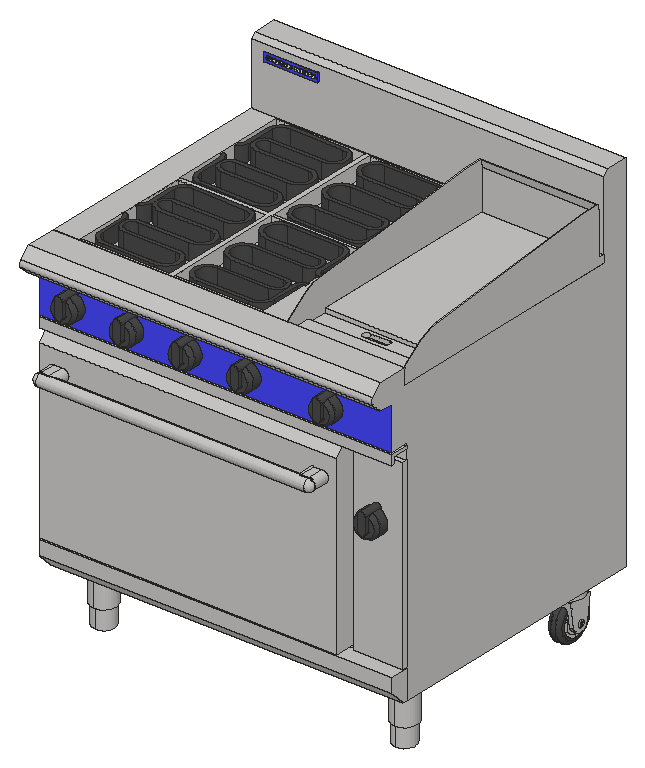
Revit family "QF_MOFFAT_BLUESEAL_CE_E506C", category Specialty Equipment, Revit 2012
Parameters
  Width = 900 mm  # constant formula
  Weight in Pounds = 436
  Watts = 19500 W
  Volts = 400 V
  URL Cutsheet = "www.moffat.com"
  URL = "www.moffat.com"
  Type Mark [instance] = ""
  Status [instance] = ""
  Specification by User [instance] = ""
  Specification by Manufacturer = ""
  Show Logo [instance] = yes
  Show Clearance [instance] = yes
  Show Casters [instance] = yes
  Serial Number = ""
  Seismic Rating = ""
  SMACNA No = ""
  Revision Code [instance] = ""
  Phase = 3
  Omniclass Number and Title = ""
  Number of Poles [instance] = 1
  NAFEM Spec ID Number = ""
  Model = "E506C"
  Min Ckt Ampacity = 0 A
  Max Overcurrent Protection = 0 A
  Masterspec = ""
  Manufacturer = "MOFFAT BLUESEAL"
  Legs [instance] = not(Show Casters)  # no
  Item Number [instance] = ""
  Installed By [instance] = ""
  Identify Quantity as Lot [instance] = yes
  Height = 970 mm  # constant formula
  HP = ""
  Furnished By [instance] = ""
  Foodservice Equipment Identifier [instance] = yes
  FL Amps = 20.9 A
  Electrical Remarks = "29.3A PER PHASE"
  Electric Connection Type = ""
  Elec Conn RI Height = 0 mm
  Elec Conn Connection Height = 0 mm
  Description = "900MM ELECTRIC RANGE WITH STATIC OVEN"
  Depth = 812 mm  # constant formula
  Cycle = 50 Hz
  Conn Plug = ""
  Conn Conduit = yes
  CSI MasterFormat = ""
  CSI Master Format = ""
  Body Finish = QF_Finishes_Stainless Steel
  Apparent Power = 0 VA
Reference planes
  plane 1 "BACK": y = 0
  plane 2: z = 0
  plane 3 "LEFT": x = 0
  plane 4 "RIGHT": x = 900
  plane 5 "FRONT": y = -812
  plane 6 "TOP": z = 970
  plane 7 "Center Y": x = 450
  plane 8 "Center X": y = -406
  plane 9: x = 280
  plane 10: y = -574.272
  plane 11: y = -304.972
  plane 12: y = -364.972
  plane 13: y = -812
  plane 14: x = 834.5
  plane 15: y = -32
  plane 16: z = 655
  plane 17: y = -100
  plane 18: z = 1085
  plane 19: y = -705
Forms (mm)
  Extrusion 1, solid, material "QF_Finishes_Stainless Steel" <- "Body Finish"
    sketch origin (0, 0, 0) x (0, 1, 0) y (0, 0, 1)
      loop
        line (0, 150) -> (0, 1085) -> (-57.5, 1085) -> (-70, 1072.5) -> (-70, 875) -> (-705, 875) -> (-705, 915) -> (-783.97, 915) -> (-808.476, 890.494)
        arc (-808.476, 890.494) -> (-811.994, 882) -> (-808.476, 873.506) r 12.013
        line (-808.476, 873.506) -> (-784.97, 850) -> (-749, 850) -> (-749, 740) -> (-699, 740) -> (-699, 150) -> (0, 150)
    from 0 to 900
  Extrusion 2, solid, material "QF_Finishes_Stainless Steel"
    sketch origin (0, 7, 0) x (0, 1, 0) y (0, 0, 1)
      loop
        line (-706, 700) -> (-732, 700) -> (-756, 676) -> (-756, 227.5) -> (-706, 227.5) -> (-706, 700)
    from 0 to 760
  Extrusion 3, solid, material "QF_Finishes_Stainless Steel"
    sketch origin (723.5, 7, 0) x (0, 1, 0) y (0, 0, 1)
      loop
        line (-706, 700) -> (-721, 700) -> (-721, 227.5) -> (-706, 227.5) -> (-706, 700)
    from 51.5 to 176.5
  Revolve 4, solid, material "QF_Finishes_Stainless Steel" <- "Body Finish"
    sketch origin (834.5, -696.126, 0) x (0, 1, 0) y (0, 0, -1)
      loop
        line (39.376, -150) -> (71.126, -150) -> (71.126, 0) -> (43.626, 0) -> (43.626, -50) -> (39.376, -50) -> (39.376, -150)
      axis (71.126, -150) -> (71.126, 0)
    angle from 0 to 360
  Revolve 5, solid, material "QF_Finishes_Stainless Steel" <- "Body Finish"
    sketch origin (65.5, -696.126, 0) x (0, 1, 0) y (0, 0, 1)
      loop
        line (39.376, 150) -> (39.376, 50) -> (43.626, 50) -> (43.626, 0) -> (71.126, 0) -> (71.126, 150) -> (39.376, 150)
      axis (71.126, 150) -> (71.126, 0)
    angle from 0 to 360
  Extrusion 6, solid, material "QF_Finishes_Stainless Steel"
    sketch origin (-64.5, 0, 325) x (1, 0, 0) y (0, 1, 0)
      loop
        circle (834.5, -32) r 10
    from 330 to 371
  Revolve 7, solid, material "QF_Finishes_Black"
    sketch origin (750, 45.874, -0.118) x (0, 1, 0) y (0, 0, 1)
      loop
        line (-827.874, 829.5) -> (-838.874, 823.651) -> (-838.874, 797) -> (-794.874, 797) -> (-794.874, 802) -> (-804.874, 802) -> (-804.874, 829.5) -> (-827.874, 829.5)
      axis (-838.874, 797) -> (-794.874, 797)
    angle from 0 to 360
  Revolve 8, solid, material "QF_Finishes_Black"
    sketch origin (90.649, 45.874, -0.118) x (0, 1, 0) y (0, 0, -1)
      loop
        line (-827.874, -829.5) -> (-804.874, -829.5) -> (-804.874, -802) -> (-794.874, -802) -> (-794.874, -797) -> (-838.874, -797) -> (-838.874, -823.651) -> (-827.874, -829.5)
      axis (-838.874, -797) -> (-794.874, -797)
    angle from 0 to 360
  Revolve 9, solid, material "QF_Finishes_Black"
    sketch origin (240.649, 45.874, -0.118) x (0, 1, 0) y (0, 0, -1)
      loop
        line (-827.874, -829.5) -> (-804.874, -829.5) -> (-804.874, -802) -> (-794.874, -802) -> (-794.874, -797) -> (-838.874, -797) -> (-838.874, -823.651) -> (-827.874, -829.5)
      axis (-838.874, -797) -> (-794.874, -797)
    angle from 0 to 360
  Revolve 10, solid, material "QF_Finishes_Black"
    sketch origin (390.625, 45.874, -0.118) x (0, 1, 0) y (0, 0, -1)
      loop
        line (-827.874, -829.5) -> (-804.874, -829.5) -> (-804.874, -802) -> (-794.874, -802) -> (-794.874, -797) -> (-838.874, -797) -> (-838.874, -823.651) -> (-827.874, -829.5)
      axis (-838.874, -797) -> (-794.874, -797)
    angle from 0 to 360
  Extrusion 11, solid, material "QF_Finishes_Black"
    sketch origin (238.456, 7, -0.118) x (-1, 0, 0) y (0, 0, -1)
      loop
        arc (158.3, -789) -> (148.3, -779) -> (138.3, -789) r 10
        line (138.3, -789) -> (138.3, -824)
        arc (138.3, -824) -> (148.3, -834) -> (158.3, -824) r 10
        line (158.3, -824) -> (158.3, -789)
    from 759 to 808
  Extrusion 12, solid, material "QF_Finishes_Black"
    sketch origin (388.456, 7, -0.118) x (-1, 0, 0) y (0, 0, -1)
      loop
        arc (158.3, -789) -> (148.3, -779) -> (138.3, -789) r 10
        line (138.3, -789) -> (138.3, -824)
        arc (138.3, -824) -> (148.3, -834) -> (158.3, -824) r 10
        line (158.3, -824) -> (158.3, -789)
    from 759 to 808
  Extrusion 13, solid, material "QF_Finishes_Black"
    sketch origin (602.193, 7, -0.118) x (1, 0, 0) y (0, 0, 1)
      loop
        line (158.3, 789) -> (158.3, 824)
        arc (158.3, 824) -> (148.3, 834) -> (138.3, 824) r 10
        line (138.3, 824) -> (138.3, 789)
        arc (138.3, 789) -> (148.3, 779) -> (158.3, 789) r 10
    from 759 to 808
  Extrusion 14, solid, material "QF_Finishes_Black"
    sketch origin (538.432, 7, -0.118) x (-1, 0, 0) y (0, 0, -1)
      loop
        arc (158.3, -789) -> (148.3, -779) -> (138.3, -789) r 10
        line (138.3, -789) -> (138.3, -824)
        arc (138.3, -824) -> (148.3, -834) -> (158.3, -824) r 10
        line (158.3, -824) -> (158.3, -789)
    from 759 to 808
  Extrusion 15, solid, material "QF_Finishes_Black"
    sketch origin (688.432, 7, -0.118) x (-1, 0, 0) y (0, 0, -1)
      loop
        arc (158.3, -789) -> (148.3, -779) -> (138.3, -789) r 10
        line (138.3, -789) -> (138.3, -824)
        arc (138.3, -824) -> (148.3, -834) -> (158.3, -824) r 10
        line (158.3, -824) -> (158.3, -789)
    from 759 to 808
  Revolve 16, solid, material "QF_Finishes_Black"
    sketch origin (836.851, 80.874, -245.743) x (0, 1, 0) y (0, 0, 1)
      loop
        line (-827.874, 829.5) -> (-838.874, 823.651) -> (-838.874, 797) -> (-794.874, 797) -> (-794.874, 802) -> (-804.874, 802) -> (-804.874, 829.5) -> (-827.874, 829.5)
      axis (-838.874, 797) -> (-794.874, 797)
    angle from 0 to 360
  Extrusion 17, solid, material "QF_Finishes_Black"
    sketch origin (689.044, 42, -245.743) x (1, 0, 0) y (0, 0, 1)
      loop
        line (158.3, 789) -> (158.3, 824)
        arc (158.3, 824) -> (148.3, 834) -> (138.3, 824) r 10
        line (138.3, 824) -> (138.3, 789)
        arc (138.3, 789) -> (148.3, 779) -> (158.3, 789) r 10
    from 759 to 808
  Extrusion 18, solid, material "QF_Door-Drawer Clearances", visible <- "Show Clearance", detail levels coarse
    sketch origin (0, 7, 0) x (0, -1, 0) y (0, 0, 1)
      loop
        line (756, 697.347) -> (756, 227.5) -> (1225.847, 227.5)
        arc (1225.847, 227.5) -> (1088.232, 559.732) -> (756, 697.347) r 469.847
    from 0 to -760
  Extrusion 19, void
    sketch origin (0, 0, 220) x (1, 0, 0) y (0, 1, 0)
      loop
        line (824, -87) -> (824, 0) -> (694, 0) -> (694, -39) -> (744, -87) -> (824, -87)
    from 0 to 476
  Revolve 20, solid, material "QF_Finishes_Black"
    sketch origin (540.625, 45.874, -0.118) x (0, 1, 0) y (0, 0, -1)
      loop
        line (-827.874, -829.5) -> (-804.874, -829.5) -> (-804.874, -802) -> (-794.874, -802) -> (-794.874, -797) -> (-838.874, -797) -> (-838.874, -823.651) -> (-827.874, -829.5)
      axis (-838.874, -797) -> (-794.874, -797)
    angle from 0 to 360
  Extrusion 21, solid, material "QF_Finishes_Stainless Steel"
    sketch origin (0, -749, 227.5) x (0, 0, 1) y (-1, 0, 0)
      loop
        line (380.625, -38.246) -> (380.625, -58.528)
        arc (380.625, -58.528) -> (395.625, -73.528) -> (410.625, -58.528) r 15
        line (410.625, -58.528) -> (410.625, -38.246)
        arc (410.625, -38.246) -> (395.625, -23.246) -> (380.625, -38.246) r 15
      loop
        arc (380.625, -723.039) -> (395.625, -738.039) -> (410.625, -723.039) r 15
        line (410.625, -723.039) -> (410.625, -702.757)
        arc (410.625, -702.757) -> (395.625, -687.757) -> (380.625, -702.757) r 15
        line (380.625, -702.757) -> (380.625, -723.039)
    from 0 to 44
  Revolve 22, solid, material "QF_Finishes_Stainless Steel"
    sketch origin (0, -793, 0) x (1, 0, 0) y (0, 0, 1)
      loop
        arc (738.039, 623.125) -> (733.646, 633.732) -> (723.039, 638.125) r 15
        line (723.039, 638.125) -> (38.246, 638.125)
        arc (38.246, 638.125) -> (27.64, 633.732) -> (23.246, 623.125) r 15
        line (23.246, 623.125) -> (738.039, 623.125)
      axis (738.039, 623.125) -> (23.246, 623.125)
    angle from 0 to 360
  Extrusion 23, solid, material "QF_Finishes_Stainless Steel" <- "Body Finish"
    sketch origin (0, 7, 0) x (0, 1, 0) y (0, 0, 1)
      loop
        line (-756, 710) -> (-747.224, 710) -> (-749.613, 726.999) -> (-707.93, 726.999) -> (-707.93, 734.003) -> (-756, 734.003) -> (-756, 710)
    from 0 to 900
  Extrusion 24, solid, material "QF_Finishes_Stainless Steel" <- "Body Finish"
    sketch origin (0, 4.73, 0) x (0, 1, 0) y (0, 0, 1)
      loop
        line (-753.73, 222.5) -> (-753.73, 186) -> (-717.73, 150) -> (-703.73, 150) -> (-703.73, 222.5) -> (-753.73, 222.5)
    from 0 to 900
  Extrusion 25, solid, material "QF_Finishes_Stainless Steel", visible <- "Show Casters"
    sketch origin (71.501, 133.353, -8.783) x (0, 1, 0) y (0, 0, 1)
      loop
        line (-201.603, 118.783) -> (-265.103, 118.783) -> (-252.746, 53.895)
        arc (-252.746, 53.895) -> (-233.353, 38.783) -> (-213.959, 53.895) r 20
        line (-213.959, 53.895) -> (-201.603, 118.783)
    from -35.667 to 22.923
  Revolve 26, solid, material "QF_Finishes_Stainless Steel", visible <- "Show Casters"
    sketch origin (65, -203, 0) x (0, 1, 0) y (0, 0, 1)
      loop
        line (67.25, 150) -> (67.25, 110) -> (103, 110) -> (103, 150) -> (67.25, 150)
      axis (103, 150) -> (103, 110)
    angle from 0 to 360
  Revolve 27, solid, material "QF_Finishes_Stainless Steel", visible <- "Show Casters"
    sketch origin (834.5, -203, 0) x (0, 1, 0) y (0, 0, -1)
      loop
        line (67.25, -150) -> (103, -150) -> (103, -110) -> (67.25, -110) -> (67.25, -150)
      axis (103, -150) -> (103, -110)
    angle from 0 to 360
  Revolve 28, solid, material "QF_Finishes_Stainless Steel", visible <- "Show Casters"
    sketch origin (785.276, -99.755, -13.653) x (1, 0, 0) y (0, 0, 1)
      loop
        line (14.841, 64.453) -> (83.584, 64.453) -> (83.584, 67.958) -> (82.314, 69.228) -> (80.79, 69.228) -> (80.79, 72.674) -> (68.644, 72.674) -> (68.644, 82.639) -> (65.088, 84.692) -> (63.738, 93.028) -> (65.881, 93.028) -> (65.881, 99.378) -> (65.088, 99.378) -> (65.088, 105.728)
        arc (65.088, 105.728) -> (62.298, 112.463) -> (55.563, 115.253) r 9.525
        line (55.563, 115.253) -> (42.863, 115.253)
        arc (42.863, 115.253) -> (36.127, 112.463) -> (33.338, 105.728) r 9.525
        line (33.338, 105.728) -> (33.338, 99.378) -> (32.544, 99.378) -> (32.544, 93.028) -> (34.687, 93.028) -> (33.352, 84.781) -> (29.782, 82.719) -> (29.782, 72.674) -> (17.635, 72.674) -> (17.635, 69.228) -> (16.111, 69.228) -> (14.841, 67.958) -> (14.841, 64.453)
      axis (14.841, 64.453) -> (83.584, 64.453)
    angle from 0 to 360
  Extrusion 29, solid, material "QF_Finishes_Stainless Steel", visible <- "Show Casters"
    sketch origin (841.001, 133.353, -8.783) x (0, 1, 0) y (0, 0, 1)
      loop
        line (-201.603, 118.783) -> (-265.103, 118.783) -> (-252.746, 53.895)
        arc (-252.746, 53.895) -> (-233.353, 38.783) -> (-213.959, 53.895) r 20
        line (-213.959, 53.895) -> (-201.603, 118.783)
    from -35.667 to 22.923
  Revolve 30, solid, material "QF_Finishes_Stainless Steel", visible <- "Legs"
    sketch origin (65, -165, 0) x (0, 1, 0) y (0, 0, 1)
      loop
        line (33.25, 150) -> (33.25, 50) -> (37.5, 50) -> (37.5, 0) -> (65, 0) -> (65, 150) -> (33.25, 150)
      axis (65, 150) -> (65, 0)
    angle from 0 to 360
  Revolve 31, solid, material "QF_Finishes_Stainless Steel", visible <- "Legs"
    sketch origin (834.5, -165, 0) x (0, 1, 0) y (0, 0, -1)
      loop
        line (33.25, -150) -> (65, -150) -> (65, 0) -> (37.5, 0) -> (37.5, -50) -> (33.25, -50) -> (33.25, -150)
      axis (65, -150) -> (65, 0)
    angle from 0 to 360
  Revolve 32, solid, material "QF_Finishes_Stainless Steel", visible <- "Show Casters"
    sketch origin (114.224, -99.755, -13.653) x (-1, 0, 0) y (0, 0, -1)
      loop
        line (14.841, -64.453) -> (14.841, -67.958) -> (16.111, -69.228) -> (17.635, -69.228) -> (17.635, -72.674) -> (29.782, -72.674) -> (29.782, -82.719) -> (33.352, -84.781) -> (34.687, -93.028) -> (32.544, -93.028) -> (32.544, -99.378) -> (33.338, -99.378) -> (33.338, -105.728)
        arc (33.338, -105.728) -> (36.127, -112.463) -> (42.863, -115.253) r 9.525
        line (42.863, -115.253) -> (55.563, -115.253)
        arc (55.563, -115.253) -> (62.298, -112.463) -> (65.088, -105.728) r 9.525
        line (65.088, -105.728) -> (65.088, -99.378) -> (65.881, -99.378) -> (65.881, -93.028) -> (63.738, -93.028) -> (65.088, -84.692) -> (68.644, -82.639) -> (68.644, -72.674) -> (80.79, -72.674) -> (80.79, -69.228) -> (82.314, -69.228) -> (83.584, -67.958) -> (83.584, -64.453) -> (14.841, -64.453)
      axis (14.841, -64.453) -> (83.584, -64.453)
    angle from 0 to 360
  Extrusion 33, solid, material "QF_Finishes_Stainless Steel"
    sketch origin (0, 0, 0) x (1, 0, 0) y (0, 1, 0)
      loop
        circle (826, -501) r 6.35
    from 150 to 147.817
Cuts and joins
  Extrusion 19 cuts Extrusion 1
Lines and regions (mm)
  Split face 1
    outline origin (900, 0, 1085) x (-1, 0, 0) y (0, -1, 0)
      loop
        arc (867.206, 18.385) -> (875.866, 23.385) -> (875.866, 33.385) r 10
        line (875.866, 33.385) -> (871.824, 40.385)
        arc (871.824, 40.385) -> (868.164, 44.045) -> (863.164, 45.385) r 10
        line (863.164, 45.385) -> (635.206, 45.385)
        arc (635.206, 45.385) -> (626.545, 40.385) -> (626.545, 30.385) r 10
        line (626.545, 30.385) -> (630.587, 23.385)
        arc (630.587, 23.385) -> (634.247, 19.725) -> (639.247, 18.385) r 10
        line (639.247, 18.385) -> (867.206, 18.385)
  Split face 2
    outline origin (900, 0, 1085) x (-1, 0, 0) y (0, -1, 0)
      loop
        arc (567.206, 18.385) -> (575.866, 23.385) -> (575.866, 33.385) r 10
        line (575.866, 33.385) -> (571.824, 40.385)
        arc (571.824, 40.385) -> (568.164, 44.045) -> (563.164, 45.385) r 10
        line (563.164, 45.385) -> (335.206, 45.385)
        arc (335.206, 45.385) -> (326.545, 40.385) -> (326.545, 30.385) r 10
        line (326.545, 30.385) -> (330.587, 23.385)
        arc (330.587, 23.385) -> (334.247, 19.725) -> (339.247, 18.385) r 10
        line (339.247, 18.385) -> (567.206, 18.385)
  Split face 3
    outline origin (900, 0, 1085) x (-1, 0, 0) y (0, -1, 0)
      loop
        arc (35.206, 45.385) -> (26.545, 40.385) -> (26.545, 30.385) r 10
        line (26.545, 30.385) -> (30.587, 23.385)
        arc (30.587, 23.385) -> (34.247, 19.725) -> (39.247, 18.385) r 10
        line (39.247, 18.385) -> (267.206, 18.385)
        arc (267.206, 18.385) -> (275.866, 23.385) -> (275.866, 33.385) r 10
        line (275.866, 33.385) -> (271.824, 40.385)
        arc (271.824, 40.385) -> (268.164, 44.045) -> (263.164, 45.385) r 10
        line (263.164, 45.385) -> (35.206, 45.385)
  symbolic lines
    curve 1: line (0, 0, 0) -> (0, -812, 0)
    curve 2: line (900, 0, 0) -> (0, 0, 0)
    curve 3: line (900, -812, 0) -> (900, 0, 0)
    curve 4: line (0, -70, 0) -> (900, -70, 0)
    curve 5: line (900, -812, 0) -> (0, -812, 0)
    curve 6: line (900, -705, 0) -> (0, -705, 0)
    curve 7: arc (22.65, -812, 0) -> (34.104, -822.278, 0) -> (48.889, -826.544, 0) r 34.455
    curve 8: line (48.889, -826.544, 0) -> (721.858, -826.544, 0)
    curve 9: arc (721.858, -826.544, 0) -> (736.403, -822.647, 0) -> (747.05, -812, 0) r 29.089
    curve 13: line (32.794, -18.385, 0) -> (260.753, -18.385, 0)
    curve 14: arc (260.753, -18.385, 0) -> (265.753, -19.725, 0) -> (269.413, -23.385, 0) r 10
    curve 15: line (269.413, -23.385, 0) -> (273.455, -30.385, 0)
    curve 16: arc (273.455, -30.385, 0) -> (273.455, -40.385, 0) -> (264.794, -45.385, 0) r 10
    curve 17: line (264.794, -45.385, 0) -> (36.836, -45.385, 0)
    curve 18: arc (36.836, -45.385, 0) -> (31.836, -44.045, 0) -> (28.176, -40.385, 0) r 10
    curve 19: line (28.176, -40.385, 0) -> (24.134, -33.385, 0)
    curve 20: arc (24.134, -33.385, 0) -> (24.134, -23.385, 0) -> (32.794, -18.385, 0) r 10
    curve 21: line (560.753, -18.385, 0) -> (332.794, -18.385, 0)
    curve 22: arc (332.794, -18.385, 0) -> (324.134, -23.385, 0) -> (324.134, -33.385, 0) r 10
    curve 23: line (324.134, -33.385, 0) -> (328.176, -40.385, 0)
    curve 24: arc (328.176, -40.385, 0) -> (331.836, -44.045, 0) -> (336.836, -45.385, 0) r 10
    curve 25: line (336.836, -45.385, 0) -> (564.794, -45.385, 0)
    curve 26: arc (564.794, -45.385, 0) -> (573.455, -40.385, 0) -> (573.455, -30.385, 0) r 10
    curve 27: line (573.455, -30.385, 0) -> (569.413, -23.385, 0)
    curve 28: arc (569.413, -23.385, 0) -> (565.753, -19.725, 0) -> (560.753, -18.385, 0) r 10
    curve 29: line (632.794, -18.385, 0) -> (860.753, -18.385, 0)
    curve 30: arc (860.753, -18.385, 0) -> (865.753, -19.725, 0) -> (869.413, -23.385, 0) r 10
    curve 31: line (869.413, -23.385, 0) -> (873.455, -30.385, 0)
    curve 32: arc (873.455, -30.385, 0) -> (873.455, -40.385, 0) -> (864.794, -45.385, 0) r 10
    curve 33: line (864.794, -45.385, 0) -> (636.836, -45.385, 0)
    curve 34: arc (636.836, -45.385, 0) -> (631.836, -44.045, 0) -> (628.176, -40.385, 0) r 10
    curve 35: line (628.176, -40.385, 0) -> (624.134, -33.385, 0)
    curve 36: arc (624.134, -33.385, 0) -> (624.134, -23.385, 0) -> (632.794, -18.385, 0) r 10
    curve 37: line (0, -783.97, 0) -> (900, -783.97, 0)
    curve 38: line (0, -57.5, 0) -> (900, -57.5, 0)
  symbolic lines, style "QF_Door-Drawer Clearances"
    curve 10: line (0, -1218.847, 0) -> (0, -812, 0)
    curve 11: line (0, -1218.847, 0) -> (760, -1218.847, 0)
    curve 12: line (760, -1218.847, 0) -> (760, -812, 0)
  symbolic lines, style "SpecialityEquipmentHiddenLines", visible <- "Show Casters"
    curve 39: line (106.952, -62.61, 0) -> (56.152, -150.598, 0)
    curve 40: line (79.456, -46.735, 0) -> (106.952, -62.61, 0)
    curve 41: line (28.656, -134.723, 0) -> (79.456, -46.735, 0)
    curve 42: line (56.152, -150.598, 0) -> (28.656, -134.723, 0)
    curve 43: line (866.952, -62.61, 0) -> (816.152, -150.598, 0)
    curve 44: line (839.456, -46.735, 0) -> (866.952, -62.61, 0)
    curve 45: line (788.656, -134.723, 0) -> (839.456, -46.735, 0)
    curve 46: line (816.152, -150.598, 0) -> (788.656, -134.723, 0)
Dimensions and locks
  equal spacing: plane 3 "LEFT", plane 7 "Center Y", plane 4 "RIGHT"
  "Width": plane 3 "LEFT" to plane 4 "RIGHT"
  equal spacing: plane 5 "FRONT", plane 8 "Center X", plane 1 "BACK"
  plane 5 "FRONT" to plane 1 "BACK" = 812 mm  (x2)
  equal spacing: plane 4 "RIGHT", plane 7 "Center Y", plane 3 "LEFT"
  plane 4 "RIGHT" to plane 3 "LEFT" = 900 mm
  "Height": plane 6 "TOP" to level
  plane 10 to plane 1 "BACK" = 574.272 mm
  plane 11 to plane 1 "BACK" = 304.972 mm  (x2)
  plane 9 to plane 3 "LEFT" = 280 mm
  "Depth": plane 1 "BACK" to plane 13
  plane 13 to plane 5 "FRONT" = 0 mm
  plane 6 "TOP" to plane 2 = 970 mm
  plane 2 to Extrusion 1 sketch curve = 875 mm
  locked: plane 2 to Extrusion 1 sketch curve at 915
  Revolve 28 sketch curve to Revolve 28 sketch curve = 50.8 mm
  Revolve 32 sketch curve to Revolve 32 sketch curve = 50.8 mm
  plane 18 to level = 1085 mm
  Extrusion 33 sketch curve to plane 1 "BACK" = 501 mm
  Extrusion 33 sketch curve to plane 4 "RIGHT" = 74 mm
  aligned and locked: level to plane 2
  aligned and locked: curve 3 to plane 4 "RIGHT"
Automatic sketch dimensions
  Extrusion 1 sketch curve to plane 19 = 0 mm
  Extrusion 1 sketch curve to plane 18 = 0 mm
  Extrusion 1 sketch curve to plane 1 "BACK" = 0 mm
  plane 19 to Extrusion 1 sketch curve = 44 mm
  Extrusion 1 sketch curve to plane 5 "FRONT" = 28.03 mm
  Extrusion 1 sketch curve to plane 5 "FRONT" = 27.03 mm
  Extrusion 1 sketch curve to plane 5 "FRONT" = 12.018 mm
  Extrusion 1 sketch curve to plane 5 "FRONT" = 3.524 mm  (x2)
  Extrusion 1 sketch curve to plane 19 = 6 mm
  Extrusion 1 sketch curve to plane 18 = 12.5 mm
  plane 17 to Extrusion 1 sketch curve = 30 mm
  Extrusion 1 sketch curve to Extrusion 1 sketch curve = 12.5 mm
  Extrusion 1 sketch curve to Extrusion 1 sketch curve = 41.494 mm
  Extrusion 1 sketch curve to Extrusion 1 sketch curve = 25 mm
  plane 16 to Extrusion 1 sketch curve = 85 mm
  level to Extrusion 1 sketch curve = 150 mm
  Extrusion 1 sketch curve to Extrusion 1 sketch curve = 8.494 mm
  plane 19 to Extrusion 2 sketch curve = 20 mm
  Extrusion 2 sketch curve to plane 19 = 6 mm
  level to Extrusion 2 sketch curve = 227.5 mm
  plane 19 to Extrusion 3 sketch curve = 9 mm
  Extrusion 3 sketch curve to plane 19 = 6 mm
  level to Extrusion 3 sketch curve = 227.5 mm
  plane 16 to Extrusion 3 sketch curve = 45 mm
  Revolve 4 sketch curve to level = 0 mm
  Revolve 4 sketch curve to plane 19 = 48.25 mm
  Revolve 4 sketch curve to Revolve 4 sketch curve = 4.25 mm
  Revolve 4 sketch curve to Revolve 4 sketch curve = 27.5 mm  (x2)
  level to Revolve 4 sketch curve = 50 mm
  Revolve 4 sketch curve to Revolve 4 sketch curve = 0 mm
  Revolve 4 sketch curve to Revolve 4 sketch curve = 100 mm
  Revolve 4 sketch curve to Revolve 4 sketch curve = 55 mm
  Revolve 5 sketch curve to level = 0 mm
  Revolve 5 sketch curve to plane 19 = 48.25 mm
  Revolve 5 sketch curve to Revolve 5 sketch curve = 4.25 mm
  Revolve 5 sketch curve to Revolve 5 sketch curve = 27.5 mm  (x2)
  Revolve 5 sketch curve to level = 55 mm
  Revolve 5 sketch curve to Revolve 5 sketch curve = 50 mm
  Revolve 5 sketch curve to Revolve 5 sketch curve = 0 mm
  Revolve 5 sketch curve to Revolve 5 sketch curve = 100 mm
  Extrusion 6 sketch curve to plane 15 = 0 mm
  Extrusion 6 sketch curve to plane 14 = 64.5 mm
  Revolve 7 sketch curve to plane 5 "FRONT" = 19 mm
  Revolve 7 sketch curve to Revolve 7 sketch curve = 0 mm  (x2)
  Revolve 7 sketch curve to Revolve 7 sketch curve = 11 mm
  Revolve 7 sketch curve to Revolve 7 sketch curve = 12.7 mm
  Revolve 7 sketch curve to Revolve 7 sketch curve = 23 mm
  Revolve 7 sketch curve to Revolve 7 sketch curve = 10 mm
  plane 16 to Revolve 7 sketch curve = 141.882 mm
  Revolve 7 sketch curve to Revolve 7 sketch curve = 5 mm
  Revolve 7 sketch curve to Revolve 7 sketch curve = 26.651 mm
  Revolve 7 sketch curve to Revolve 7 sketch curve = 5.849 mm
  Revolve 8 sketch curve to plane 5 "FRONT" = 19 mm
  Revolve 8 sketch curve to Revolve 8 sketch curve = 0 mm  (x2)
  Revolve 8 sketch curve to Revolve 8 sketch curve = 11 mm
  Revolve 8 sketch curve to Revolve 8 sketch curve = 12.7 mm
  Revolve 8 sketch curve to Revolve 8 sketch curve = 23 mm
  Revolve 8 sketch curve to Revolve 8 sketch curve = 10 mm
  Revolve 8 sketch curve to plane 6 "TOP" = 140.618 mm
  Revolve 8 sketch curve to Revolve 8 sketch curve = 5.849 mm
  Revolve 8 sketch curve to Revolve 8 sketch curve = 27.5 mm
  Revolve 8 sketch curve to Revolve 8 sketch curve = 5 mm
  Revolve 9 sketch curve to plane 5 "FRONT" = 19 mm
  Revolve 9 sketch curve to Revolve 9 sketch curve = 0 mm  (x2)
  Revolve 9 sketch curve to Revolve 9 sketch curve = 11 mm
  Revolve 9 sketch curve to Revolve 9 sketch curve = 12.7 mm
  Revolve 9 sketch curve to Revolve 9 sketch curve = 23 mm
  Revolve 9 sketch curve to Revolve 9 sketch curve = 10 mm
  Revolve 9 sketch curve to plane 6 "TOP" = 140.618 mm
  Revolve 9 sketch curve to Revolve 9 sketch curve = 5.849 mm
  Revolve 9 sketch curve to Revolve 9 sketch curve = 27.5 mm
  Revolve 9 sketch curve to Revolve 9 sketch curve = 5 mm
  Revolve 10 sketch curve to plane 5 "FRONT" = 19 mm
  Revolve 10 sketch curve to Revolve 10 sketch curve = 0 mm  (x2)
  Revolve 10 sketch curve to Revolve 10 sketch curve = 11 mm
  Revolve 10 sketch curve to Revolve 10 sketch curve = 12.7 mm
  Revolve 10 sketch curve to Revolve 10 sketch curve = 23 mm
  Revolve 10 sketch curve to Revolve 10 sketch curve = 10 mm
  Revolve 10 sketch curve to plane 6 "TOP" = 140.618 mm
  Revolve 10 sketch curve to Revolve 10 sketch curve = 5.849 mm
  Revolve 10 sketch curve to Revolve 10 sketch curve = 27.5 mm
  Revolve 10 sketch curve to Revolve 10 sketch curve = 5 mm
  Extrusion 11 sketch curve to Extrusion 11 sketch curve = 10 mm
  Extrusion 11 sketch curve to plane 6 "TOP" = 146.118 mm
  Extrusion 11 sketch curve to Extrusion 11 sketch curve = 35 mm
  Extrusion 12 sketch curve to plane 9 = 29.844 mm
  Extrusion 12 sketch curve to Extrusion 12 sketch curve = 10 mm
  Extrusion 12 sketch curve to plane 6 "TOP" = 146.118 mm
  Extrusion 12 sketch curve to Extrusion 12 sketch curve = 35 mm
  Extrusion 13 sketch curve to plane 14 = 94.007 mm
  Extrusion 13 sketch curve to plane 14 = 84.007 mm
  plane 16 to Extrusion 13 sketch curve = 133.882 mm
  Extrusion 13 sketch curve to Extrusion 13 sketch curve = 35 mm
  Extrusion 14 sketch curve to plane 7 "Center Y" = 49.868 mm
  Extrusion 14 sketch curve to Extrusion 14 sketch curve = 10 mm
  Extrusion 14 sketch curve to plane 6 "TOP" = 146.118 mm
  Extrusion 14 sketch curve to Extrusion 14 sketch curve = 35 mm
  plane 7 "Center Y" to Extrusion 15 sketch curve = 100.132 mm
  Extrusion 15 sketch curve to Extrusion 15 sketch curve = 10 mm
  Extrusion 15 sketch curve to plane 6 "TOP" = 146.118 mm
  Extrusion 15 sketch curve to Extrusion 15 sketch curve = 35 mm
  Revolve 16 sketch curve to plane 5 "FRONT" = 54 mm
  Revolve 16 sketch curve to Revolve 16 sketch curve = 0 mm  (x2)
  Revolve 16 sketch curve to Revolve 16 sketch curve = 11 mm
  Revolve 16 sketch curve to Revolve 16 sketch curve = 12.7 mm
  plane 19 to Revolve 16 sketch curve = 19 mm
  plane 19 to Revolve 16 sketch curve = 9 mm
  Revolve 16 sketch curve to plane 16 = 103.743 mm
  Revolve 16 sketch curve to Revolve 16 sketch curve = 5 mm
  Revolve 16 sketch curve to Revolve 16 sketch curve = 26.651 mm
  Revolve 16 sketch curve to Revolve 16 sketch curve = 5.849 mm
  Extrusion 17 sketch curve to plane 14 = 7.156 mm
  plane 14 to Extrusion 17 sketch curve = 2.844 mm
  Extrusion 17 sketch curve to plane 16 = 111.743 mm
  Extrusion 17 sketch curve to Extrusion 17 sketch curve = 35 mm
  plane 19 to Extrusion 18 sketch curve = 44 mm
  level to Extrusion 18 sketch curve = 227.5 mm
  plane 5 "FRONT" to Extrusion 18 sketch curve = 406.847 mm
  plane 1 "BACK" to Extrusion 19 sketch curve = 0 mm
  Extrusion 19 sketch curve to plane 15 = 7 mm
  Extrusion 19 sketch curve to plane 14 = 140.5 mm
  plane 17 to Extrusion 19 sketch curve = 13 mm
  Extrusion 19 sketch curve to Extrusion 19 sketch curve = 50 mm
  Extrusion 19 sketch curve to plane 14 = 10.5 mm
  Revolve 20 sketch curve to plane 5 "FRONT" = 19 mm
  Revolve 20 sketch curve to Revolve 20 sketch curve = 0 mm  (x2)
  Revolve 20 sketch curve to Revolve 20 sketch curve = 11 mm
  Revolve 20 sketch curve to Revolve 20 sketch curve = 12.7 mm
  Revolve 20 sketch curve to Revolve 20 sketch curve = 23 mm
  Revolve 20 sketch curve to Revolve 20 sketch curve = 10 mm
  Revolve 20 sketch curve to plane 6 "TOP" = 140.618 mm
  Revolve 20 sketch curve to Revolve 20 sketch curve = 5.849 mm
  Revolve 20 sketch curve to Revolve 20 sketch curve = 27.5 mm
  Revolve 20 sketch curve to Revolve 20 sketch curve = 5 mm
  Extrusion 21 sketch curve to plane 16 = 46.875 mm  (x2)
  Extrusion 21 sketch curve to Extrusion 21 sketch curve = 15 mm  (x2)
  Extrusion 21 sketch curve to plane 14 = 131.743 mm
  Extrusion 21 sketch curve to Extrusion 21 sketch curve = 20.282 mm  (x2)
  Revolve 22 sketch curve to plane 3 "LEFT" = 6.961 mm
  plane 3 "LEFT" to Revolve 22 sketch curve = 23.246 mm
  Revolve 22 sketch curve to plane 16 = 16.875 mm
  Revolve 22 sketch curve to Revolve 22 sketch curve = 15 mm
  Revolve 22 sketch curve to plane 16 = 31.875 mm
  plane 7 "Center Y" to Revolve 22 sketch curve = 138.039 mm
  Revolve 22 sketch curve to plane 14 = 111.461 mm
  plane 19 to Extrusion 23 sketch curve = 44 mm
  Extrusion 23 sketch curve to Extrusion 23 sketch curve = 6.387 mm
  Extrusion 23 sketch curve to Extrusion 23 sketch curve = 8.776 mm
  Extrusion 23 sketch curve to plane 19 = 4.07 mm
  plane 16 to Extrusion 23 sketch curve = 55 mm
  Extrusion 23 sketch curve to Extrusion 23 sketch curve = 16.999 mm
  Extrusion 23 sketch curve to Extrusion 23 sketch curve = 7.004 mm
  plane 19 to Extrusion 24 sketch curve = 44 mm
  Extrusion 24 sketch curve to Extrusion 24 sketch curve = 36.5 mm
  Extrusion 25 sketch curve to plane 17 = 0 mm
  Extrusion 25 sketch curve to plane 17 = 19.393 mm
  Extrusion 25 sketch curve to plane 17 = 31.75 mm
  plane 17 to Extrusion 25 sketch curve = 19.393 mm
  plane 17 to Extrusion 25 sketch curve = 31.75 mm
  level to Extrusion 25 sketch curve = 45.111 mm
  Extrusion 25 sketch curve to Extrusion 25 sketch curve = 4.889 mm
  Extrusion 25 sketch curve to Extrusion 25 sketch curve = 64.889 mm
  Revolve 26 sketch curve to plane 17 = 0 mm  (x2)
  Revolve 26 sketch curve to plane 17 = 35.75 mm
  Revolve 26 sketch curve to level = 55 mm
  level to Revolve 26 sketch curve = 50 mm
  Revolve 26 sketch curve to Revolve 26 sketch curve = 60 mm
  Revolve 26 sketch curve to Revolve 26 sketch curve = 40 mm
  Revolve 27 sketch curve to plane 17 = 0 mm  (x2)
  Revolve 27 sketch curve to plane 17 = 35.75 mm
  level to Revolve 27 sketch curve = 150 mm
  Revolve 27 sketch curve to Revolve 27 sketch curve = 40 mm
  level to Revolve 27 sketch curve = 50 mm
  Revolve 27 sketch curve to level = 55 mm
  Revolve 28 sketch curve to plane 14 = 34.382 mm
  Revolve 28 sketch curve to Revolve 28 sketch curve = 1.27 mm  (x4)
  Revolve 28 sketch curve to Revolve 28 sketch curve = 1.524 mm  (x2)
  Revolve 28 sketch curve to Revolve 28 sketch curve = 12.146 mm  (x2)
  Revolve 28 sketch curve to plane 14 = 16.68 mm
  Revolve 28 sketch curve to Revolve 28 sketch curve = 0.794 mm  (x2)
  Revolve 28 sketch curve to Revolve 28 sketch curve = 3.57 mm
  Revolve 28 sketch curve to Revolve 28 sketch curve = 2.143 mm
  Revolve 28 sketch curve to plane 14 = 6.361 mm
  plane 14 to Revolve 28 sketch curve = 5.13 mm
  plane 14 to Revolve 28 sketch curve = 6.339 mm
  plane 14 to Revolve 28 sketch curve = 14.515 mm
  Revolve 28 sketch curve to Revolve 28 sketch curve = 1.349 mm  (x2)
  Revolve 28 sketch curve to Revolve 28 sketch curve = 3.556 mm
  Revolve 28 sketch curve to plane 4 "RIGHT" = 2.18 mm
  level to Revolve 28 sketch curve = 50.8 mm
  Revolve 28 sketch curve to Revolve 28 sketch curve = 0 mm
  Revolve 28 sketch curve to Revolve 28 sketch curve = 3.505 mm  (x2)
  Revolve 28 sketch curve to Revolve 28 sketch curve = 3.447 mm  (x2)
  Revolve 28 sketch curve to Revolve 28 sketch curve = 9.964 mm
  Revolve 28 sketch curve to Revolve 28 sketch curve = 10.045 mm
  Revolve 28 sketch curve to Revolve 28 sketch curve = 2.053 mm
  Revolve 28 sketch curve to Revolve 28 sketch curve = 2.061 mm
  Revolve 28 sketch curve to Revolve 28 sketch curve = 8.247 mm
  Revolve 28 sketch curve to Revolve 28 sketch curve = 8.336 mm
  Revolve 28 sketch curve to Revolve 28 sketch curve = 6.35 mm  (x2)
  Extrusion 29 sketch curve to plane 17 = 0 mm
  Extrusion 29 sketch curve to plane 17 = 19.393 mm
  Extrusion 29 sketch curve to plane 17 = 31.75 mm
  plane 17 to Extrusion 29 sketch curve = 19.393 mm
  plane 17 to Extrusion 29 sketch curve = 31.75 mm
  level to Extrusion 29 sketch curve = 45.111 mm
  Extrusion 29 sketch curve to Extrusion 29 sketch curve = 4.889 mm
  Extrusion 29 sketch curve to Extrusion 29 sketch curve = 64.889 mm
  Revolve 30 sketch curve to level = 0 mm
  Revolve 30 sketch curve to plane 17 = 0 mm  (x2)
  Revolve 30 sketch curve to Revolve 30 sketch curve = 27.5 mm
  Revolve 30 sketch curve to Revolve 30 sketch curve = 31.75 mm
  Revolve 30 sketch curve to level = 55 mm
  Revolve 30 sketch curve to Revolve 30 sketch curve = 50 mm
  Revolve 30 sketch curve to Revolve 30 sketch curve = 0 mm
  Revolve 30 sketch curve to Revolve 30 sketch curve = 100 mm
  Revolve 31 sketch curve to level = 0 mm
  Revolve 31 sketch curve to plane 17 = 0 mm  (x2)
  Revolve 31 sketch curve to Revolve 31 sketch curve = 27.5 mm
  Revolve 31 sketch curve to Revolve 31 sketch curve = 31.75 mm
  level to Revolve 31 sketch curve = 50 mm
  Revolve 31 sketch curve to Revolve 31 sketch curve = 0 mm
  Revolve 31 sketch curve to Revolve 31 sketch curve = 100 mm
  Revolve 31 sketch curve to Revolve 31 sketch curve = 55 mm
  Revolve 32 sketch curve to Revolve 32 sketch curve = 1.27 mm  (x4)
  Revolve 32 sketch curve to Revolve 32 sketch curve = 1.524 mm  (x2)
  Revolve 32 sketch curve to Revolve 32 sketch curve = 0.794 mm  (x2)
  Revolve 32 sketch curve to Revolve 32 sketch curve = 3.57 mm
  Revolve 32 sketch curve to Revolve 32 sketch curve = 2.143 mm
  Revolve 32 sketch curve to Revolve 32 sketch curve = 1.349 mm  (x2)
  Revolve 32 sketch curve to Revolve 32 sketch curve = 3.556 mm
  Revolve 32 sketch curve to Revolve 32 sketch curve = 12.146 mm  (x2)
  Revolve 32 sketch curve to plane 3 "LEFT" = 2.68 mm
  level to Revolve 32 sketch curve = 101.6 mm
  Revolve 32 sketch curve to Revolve 32 sketch curve = 6.35 mm  (x4)
  Revolve 32 sketch curve to Revolve 32 sketch curve = 8.247 mm
  Revolve 32 sketch curve to Revolve 32 sketch curve = 8.336 mm
  Revolve 32 sketch curve to Revolve 32 sketch curve = 2.061 mm
  Revolve 32 sketch curve to Revolve 32 sketch curve = 2.053 mm
  Revolve 32 sketch curve to Revolve 32 sketch curve = 10.045 mm
  Revolve 32 sketch curve to Revolve 32 sketch curve = 9.964 mm
  Revolve 32 sketch curve to Revolve 32 sketch curve = 3.447 mm  (x2)
  Revolve 32 sketch curve to Revolve 32 sketch curve = 3.505 mm
  Split face 1 sketch curve to cut or joined group of Extrusion 1, Extrusion 19 = 27.115 mm
  Split face 1 sketch curve to cut or joined group of Extrusion 1, Extrusion 19 = 626.545 mm
  Split face 1 sketch curve to Split face 1 sketch curve = 4.041 mm  (x4)
  Split face 1 sketch curve to Split face 1 sketch curve = 8.66 mm  (x2)
  Split face 1 sketch curve to cut or joined group of Extrusion 1, Extrusion 19 = 12.115 mm
  Split face 1 sketch curve to Split face 1 sketch curve = 223.917 mm
  Split face 1 sketch curve to Split face 1 sketch curve = 7 mm  (x3)
  Split face 1 sketch curve to Split face 1 sketch curve = 17 mm
  Split face 2 sketch curve to cut or joined group of Extrusion 1, Extrusion 19 = 27.115 mm
  Split face 2 sketch curve to cut or joined group of Extrusion 1, Extrusion 19 = 326.545 mm
  Split face 2 sketch curve to cut or joined group of Extrusion 1, Extrusion 19 = 23.385 mm
  Split face 2 sketch curve to Split face 2 sketch curve = 4.041 mm  (x3)
  Split face 2 sketch curve to Split face 2 sketch curve = 8.66 mm  (x3)
  Split face 2 sketch curve to cut or joined group of Extrusion 1, Extrusion 19 = 12.115 mm
  Split face 2 sketch curve to Split face 2 sketch curve = 223.917 mm
  Split face 2 sketch curve to cut or joined group of Extrusion 1, Extrusion 19 = 18.385 mm
  Split face 2 sketch curve to Split face 2 sketch curve = 10 mm
  Split face 2 sketch curve to Split face 2 sketch curve = 7 mm
  Split face 3 sketch curve to cut or joined group of Extrusion 1, Extrusion 19 = 27.115 mm
  Split face 3 sketch curve to cut or joined group of Extrusion 1, Extrusion 19 = 26.545 mm
  Split face 3 sketch curve to cut or joined group of Extrusion 1, Extrusion 19 = 23.385 mm
  Split face 3 sketch curve to Split face 3 sketch curve = 4.041 mm  (x4)
  Split face 3 sketch curve to Split face 3 sketch curve = 8.66 mm  (x2)
  Split face 3 sketch curve to cut or joined group of Extrusion 1, Extrusion 19 = 22.115 mm
  Split face 3 sketch curve to Split face 3 sketch curve = 223.917 mm
  Split face 3 sketch curve to cut or joined group of Extrusion 1, Extrusion 19 = 17.115 mm
  Split face 3 sketch curve to Split face 3 sketch curve = 17 mm
  Split face 3 sketch curve to Split face 3 sketch curve = 7 mm
  Extrusion 2 sketch curve to Extrusion 2 sketch curve = 24 mm
  plane 16 to Extrusion 2 sketch curve = 21 mm
  plane 16 to Extrusion 2 sketch curve = 45 mm
  Extrusion 24 sketch curve to plane 19 = 6 mm
  level to Extrusion 24 sketch curve = 150 mm
  Extrusion 24 sketch curve to Extrusion 24 sketch curve = 36 mm
  plane 19 to Extrusion 24 sketch curve = 8 mm
  plane 3 "LEFT" to Extrusion 11 sketch curve = 100.156 mm
  plane 3 "LEFT" to Extrusion 21 sketch curve = 58.528 mm
  plane 3 "LEFT" to Revolve 32 sketch curve = 30.64 mm
  Revolve 32 sketch curve to Revolve 32 sketch curve = 9.525 mm
  Revolve 32 sketch curve to Revolve 32 sketch curve = 14.29 mm
  Revolve 32 sketch curve to Revolve 32 sketch curve = 12.7 mm
  Revolve 32 sketch curve to Revolve 32 sketch curve = 8.176 mm
  Revolve 32 sketch curve to Revolve 32 sketch curve = 0.808 mm
  plane 1 "BACK" to curve 1 = 0 mm
  curve 1 to plane 3 "LEFT" = 0 mm
  plane 5 "FRONT" to curve 7 = 0 mm
  plane 19 to curve 6 = 0 mm
  plane 3 "LEFT" to curve 7 = 22.65 mm
  curve 20 to plane 15 = 1.385 mm
  plane 3 "LEFT" to curve 20 = 24.134 mm
  curve 19 to curve 18 = 4.041 mm
  plane 3 "LEFT" to curve 41 = 28.656 mm
  plane 15 to curve 13 = 13.615 mm
  curve 20 to curve 13 = 8.66 mm
  curve 18 to curve 17 = 8.66 mm
  plane 5 "FRONT" to curve 8 = 14.544 mm
  curve 7 to curve 8 = 26.239 mm
  curve 7 to plane 5 "FRONT" = 19.857 mm
  curve 41 to curve 42 = 27.496 mm
  curve 40 to plane 15 = 14.735 mm
  curve 18 to curve 40 = 42.62 mm
  curve 13 to plane 9 = 19.247 mm
  curve 17 to plane 9 = 15.206 mm
  plane 15 to curve 14 = 8.615 mm
  curve 14 to curve 14 = 8.66 mm
  plane 15 to curve 16 = 1.615 mm
  curve 16 to plane 9 = 6.545 mm
  curve 23 to plane 15 = 1.385 mm
  plane 9 to curve 23 = 44.134 mm
  curve 23 to curve 24 = 4.041 mm
  plane 15 to curve 22 = 3.615 mm
  curve 22 to curve 22 = 8.66 mm
  curve 24 to curve 24 = 8.66 mm
  plane 7 "Center Y" to curve 28 = 110.753 mm
  curve 28 to curve 26 = 4.041 mm
  plane 15 to curve 27 = 8.615 mm
  curve 21 to curve 27 = 8.66 mm
  plane 15 to curve 27 = 1.615 mm
  curve 27 to curve 27 = 4.041 mm
  curve 36 to plane 15 = 1.385 mm
  curve 27 to curve 36 = 50.679 mm
  curve 35 to plane 15 = 8.385 mm
  curve 35 to curve 35 = 4.041 mm
  plane 15 to curve 29 = 13.615 mm
  curve 36 to curve 29 = 8.66 mm
  curve 34 to curve 34 = 8.66 mm
  curve 8 to plane 14 = 112.642 mm
  curve 45 to plane 17 = 34.723 mm
  curve 45 to plane 14 = 45.844 mm
  curve 9 to curve 9 = 25.191 mm
  curve 43 to plane 17 = 50.598 mm
  curve 45 to curve 43 = 27.496 mm
  curve 9 to curve 12 = 12.95 mm
  curve 45 to plane 15 = 14.735 mm
  plane 14 to curve 29 = 26.253 mm
  curve 30 to curve 32 = 4.041 mm  (x2)
  plane 15 to curve 31 = 8.615 mm
  curve 29 to curve 31 = 8.66 mm
  plane 15 to curve 32 = 1.615 mm
  curve 10 to curve 8 = 392.303 mm
  curve 37 to plane 5 "FRONT" = 28.03 mm
  curve 42 to plane 17 = 50.598 mm
  plane 17 to curve 4 = 30 mm
  curve 4 to curve 38 = 12.5 mm
  curve 32 to plane 15 = 13.385 mm
  curve 18 to plane 15 = 13.385 mm
  curve 25 to plane 15 = 13.385 mm
  curve 19 to curve 19 = 7 mm
  curve 23 to curve 23 = 7 mm
  radius of Extrusion 6 sketch curve = 10 mm
  radius of Extrusion 33 sketch curve = 6.35 mm
Nested families
  nested 1: "WALDORF LOGO_FACE BASE" at (32, -70, 1056.385) x (1, 0, 0) z (0, -1, 0), visible <- "Show Logo", type "WALDORF LOGO_FACE BASE", detail levels medium+fine
    with Show Logo yes
  nested 2: "ELECTRIC BURNER 600 & GRIDDLE 300" at (0, -70.003, 875), type "ELECTRIC BURNER 600 & GRIDDLE 300"
    with Width 900 mm, Type Mark "", Status "", Specification by User "", Show Clearance yes, Revision Code "", Number of Poles 1, Mechanical Remarks "", Mechanical Connection Type "", Item Number "", Installed By "", Identify Quantity as Lot yes, Gas RI Height 0 mm, Gas KW 0, Gas Input 0.0 Btu/h, Furnished By "", Foodservice Equipment Identifier yes, Electrical Remarks "", Electric Connection Type "", Elec Conn RI Height 0 mm, Elec Conn Connection Height 0 mm, Depth 635 mm
Connectors
  electrical at (826, -501, 147.817), driven by "Volts", driven by "Watts"
    settings: on Extrusion 33, index 5, voltage 400 V, apparent load 19500 VA, apparent load phase1 0 VA, apparent load phase2 0 VA, apparent load phase3 0 VA, power factor 1, load classification "Other", number of poles 1, system type 30, power factor state 1, is connector primary yes, connector utility no, sub classification motor no, connector description "ELECTRICAL CONNECTION"
Definition of nested family "WALDORF LOGO_FACE BASE"
  Parameters (values of type "WALDORF LOGO_FACE BASE")
    Show Logo [instance] = yes
    Default Elevation = 1219.2 mm
  Reference planes
    plane 1 "Center (Front/Back)": y = 0
    plane 2: z = 0
    plane 3 "Center (Left/Right)": x = 0
  Forms (mm)
    Extrusion 1, solid
      sketch origin (0, 0, 0) x (1, 0, 0) y (0, 1, 0)
        loop
          line (-1219.2, 1219.2) -> (-1219.2, -1219.2) -> (1219.2, -1219.2) -> (1219.2, 1219.2) -> (-1219.2, 1219.2)
      from 0 to -304.8
    Extrusion 2, solid, material "QF_Finishes_Blue", visible <- "Show Logo"
      sketch origin (0, -33.217, 0) x (1, 0, 0) y (0, 1, 0)
        loop
          arc (138, 31.942) -> (137.626, 32.844) -> (136.724, 33.217) r 1.276
          line (136.724, 33.217) -> (1.29, 33.217)
          arc (1.29, 33.217) -> (0.378, 32.839) -> (0, 31.927) r 1.29
          line (0, 31.927) -> (0, 11.507)
          arc (0, 11.507) -> (0.378, 10.595) -> (1.29, 10.217) r 1.29
          line (1.29, 10.217) -> (136.71, 10.217)
          arc (136.71, 10.217) -> (137.622, 10.595) -> (138, 11.507) r 1.29
          line (138, 11.507) -> (138, 31.942)
      from 0 to 1.588
    Extrusion 3, solid, material "QF_Finishes_White", visible <- "Show Logo"
      sketch origin (0, -33.217, 1.588) x (1, 0, 0) y (0, 1, 0)
        loop
          arc (108.946, 25.919) -> (107.613, 25.367) -> (107.061, 24.034) r 1.885
          line (107.061, 24.034) -> (107.061, 17.211) -> (112.704, 17.211) -> (112.704, 19.129) -> (115.546, 19.129) -> (115.546, 17.211) -> (121.584, 17.211) -> (121.584, 24.075)
          arc (121.584, 24.075) -> (121.043, 25.379) -> (119.739, 25.919) r 1.845
          line (119.739, 25.919) -> (108.946, 25.919)
        loop
          line (123.478, 25.919) -> (123.478, 17.163) -> (134.904, 17.163) -> (134.904, 19.129) -> (129.246, 19.129) -> (129.246, 25.919) -> (123.478, 25.919)
        loop
          line (112.704, 21.258) -> (115.546, 21.258) -> (115.546, 22.702)
          arc (115.546, 22.702) -> (115.344, 23.188) -> (114.858, 23.389) r 0.687
          line (114.858, 23.389) -> (113.363, 23.389)
          arc (113.363, 23.389) -> (112.897, 23.196) -> (112.704, 22.73) r 0.658
          line (112.704, 22.73) -> (112.704, 21.258)
        loop
          line (105.071, 25.919) -> (93.771, 25.919) -> (93.771, 17.163) -> (105.071, 17.163) -> (105.071, 19.063) -> (99.535, 19.063) -> (99.535, 20.437) -> (105.071, 20.437) -> (105.071, 22.278) -> (99.535, 22.278) -> (99.535, 23.587) -> (105.071, 23.587) -> (105.071, 25.919)
        loop
          line (91.104, 25.919) -> (79.541, 25.919)
          arc (79.541, 25.919) -> (78.558, 25.513) -> (78.152, 24.53) r 1.389
          line (78.152, 24.53) -> (78.152, 22.08)
          arc (78.152, 22.08) -> (78.558, 21.098) -> (79.541, 20.691) r 1.389
          line (79.541, 20.691) -> (86.346, 20.691) -> (86.346, 18.864) -> (83.266, 18.864) -> (83.266, 19.664) -> (78.152, 19.664) -> (78.152, 18.553)
          arc (78.152, 18.553) -> (78.558, 17.57) -> (79.541, 17.163) r 1.389
          line (79.541, 17.163) -> (91.063, 17.163)
          arc (91.063, 17.163) -> (92.045, 17.57) -> (92.452, 18.553) r 1.389
          line (92.452, 18.553) -> (92.452, 20.691)
          arc (92.452, 20.691) -> (92.045, 21.673) -> (91.063, 22.08) r 1.389
          line (91.063, 22.08) -> (83.266, 22.08) -> (83.266, 23.984) -> (86.346, 23.984) -> (86.346, 22.743) -> (92.452, 22.743) -> (92.452, 24.571)
          arc (92.452, 24.571) -> (92.057, 25.524) -> (91.104, 25.919) r 1.348
        loop
          line (70.705, 25.919) -> (59.405, 25.919) -> (59.405, 17.163) -> (70.705, 17.163) -> (70.705, 19.063) -> (65.169, 19.063) -> (65.169, 20.437) -> (70.705, 20.437) -> (70.705, 22.278) -> (65.169, 22.278) -> (65.169, 23.587) -> (70.705, 23.587) -> (70.705, 25.919)
        loop
          line (57.598, 25.919) -> (51.7, 25.919) -> (51.7, 20.18)
          arc (51.7, 20.18) -> (50.63, 19.11) -> (49.56, 20.18) r 1.07
          line (49.56, 20.18) -> (49.56, 25.919) -> (43.663, 25.919) -> (43.663, 19.049)
          arc (43.663, 19.049) -> (44.215, 17.716) -> (45.548, 17.163) r 1.885
          line (45.548, 17.163) -> (55.71, 17.163)
          arc (55.71, 17.163) -> (57.045, 17.716) -> (57.598, 19.051) r 1.887
          line (57.598, 19.051) -> (57.598, 25.919)
        loop
          line (31.62, 25.919) -> (31.62, 17.163) -> (43.046, 17.163) -> (43.046, 19.129) -> (37.388, 19.129) -> (37.388, 25.919) -> (31.62, 25.919)
        loop
          line (15.969, 25.919) -> (15.969, 17.163) -> (28.693, 17.163)
          arc (28.693, 17.163) -> (29.812, 17.627) -> (30.276, 18.746) r 1.582
          line (30.276, 18.746) -> (30.276, 20.447) -> (29.48, 21.243) -> (30.276, 22.039) -> (30.276, 24.332)
          arc (30.276, 24.332) -> (29.811, 25.454) -> (28.688, 25.919) r 1.587
          line (28.688, 25.919) -> (15.969, 25.919)
        loop
          line (21.449, 24.159) -> (21.449, 22.436) -> (23.862, 22.436)
          arc (23.862, 22.436) -> (24.723, 23.298) -> (23.862, 24.159) r 0.861
          line (23.862, 24.159) -> (21.449, 24.159)
        loop
          line (21.449, 20.244) -> (21.449, 18.522) -> (23.862, 18.522)
          arc (23.862, 18.522) -> (24.723, 19.383) -> (23.862, 20.244) r 0.861
          line (23.862, 20.244) -> (21.449, 20.244)
      from 0 to 0.2
    Extrusion 4, solid, material "QF_Finishes_Blue", visible <- "Show Logo"
      sketch origin (-126.498, -31.09, 1.588) x (1, 0, 0) y (0, 1, 0)
        loop
          line (136.738, 23.522) -> (136.738, 15.1)
          arc (136.738, 15.1) -> (140.756, 19.311) -> (136.738, 23.522) r 4.216
      from 0 to 0.2
    Extrusion 5, solid, material "QF_Finishes_Red", visible <- "Show Logo"
      sketch origin (146.849, -31.09, 1.588) x (-1, 0, 0) y (0, -1, 0)
        loop
          arc (136.738, -23.522) -> (140.756, -19.311) -> (136.738, -15.1) r 4.216
          line (136.738, -15.1) -> (136.738, -23.522)
      from 0 to 0.2
  Lines and regions (mm)
    Split face 1
      outline origin (-90.35, -30.793, 1.588) x (1, 0, 0) y (0, 1, 0)
        loop
          circle (100.54, 19.013) r 4.536
  Dimensions and locks
    aligned and locked: plane 2 to Extrusion 1
    aligned and locked: level to Extrusion 1
Definition of nested family "ELECTRIC BURNER 600 & GRIDDLE 300"
  Parameters (values of type "ELECTRIC BURNER 600 & GRIDDLE 300")
    Width [instance] = 900 mm
    Weight in Pounds = 0
    Watts = 0 W
    Volts = 0 V
    URL Cutsheet = ""
    Type Mark [instance] = ""
    Status [instance] = ""
    Specification by User [instance] = ""
    Specification by Manufacturer = ""
    Show Clearance [instance] = yes
    Serial Number = ""
    Seismic Rating = ""
    SMACNA No = ""
    Revision Code [instance] = ""
    Phase = 1
    Omniclass Number and Title = ""
    Number of Poles [instance] = 1
    NAFEM Spec ID Number = ""
    Min Ckt Ampacity = 0 A
    Mechanical Remarks [instance] = ""
    Mechanical Connection Type [instance] = ""
    Max Overcurrent Protection = 0 A
    Masterspec = ""
    Item Number [instance] = ""
    Installed By [instance] = ""
    Identify Quantity as Lot [instance] = yes
    HP = ""
    Gas Size = 0"
    Gas RI Height [instance] = 0 mm
    Gas KW [instance] = 0
    Gas Input [instance] = 0.0 Btu/h
    Gas Connection Height = 0 mm
    Furnished By [instance] = ""
    Foodservice Equipment Identifier [instance] = yes
    FL Amps = 0 A
    Electrical Remarks [instance] = ""
    Electric Connection Type [instance] = ""
    Elec Conn RI Height [instance] = 0 mm
    Elec Conn Connection Height [instance] = 0 mm
    Depth [instance] = 635 mm
    Cycle = 0 Hz
    Conn Plug = ""
    Conn Conduit = yes
    CSI MasterFormat = ""
    CSI Master Format = ""
    Apparent Power = if(Phase = 3, Volts * FL Amps * 1.73, Volts * FL Amps)  # 0 VA
  Reference planes
    plane 1 "BACK": y = 0
    plane 2: z = 0
    plane 3 "LEFT": x = 0
    plane 4 "RIGHT": x = 900
    plane 5 "FRONT": y = -635
    plane 6 "TOP": z = 142.5
    plane 7 "Center Y": x = 450
    plane 8 "Center X": y = -317.5
    plane 9: x = 65.8
  Forms (mm)
    Extrusion 1, solid, material "QF_Finishes_Stainless Steel"
      sketch origin (0, 1, 0) x (0, -1, 0) y (1, 0, 0)
        loop
          line (1, 0) -> (636, 0) -> (636, 600) -> (1, 600) -> (1, 0)
        loop
          line (631, 65.8) -> (631, 294.362) -> (321.251, 294.362) -> (321.251, 65.8) -> (631, 65.8)
        loop
          line (6, 294.362) -> (6, 65.8) -> (313.651, 65.8) -> (313.651, 294.362) -> (6, 294.362)
        loop
          line (6, 305.638) -> (313.651, 305.638) -> (313.651, 534.388) -> (6, 534.388) -> (6, 305.638)
        loop
          line (631, 534.388) -> (321.251, 534.388) -> (321.251, 305.638) -> (631, 305.638) -> (631, 534.388)
      from 0 to 40
    Extrusion 2, solid, material "QF_Finishes_Black"
      sketch origin (0, 15.7, 0) x (0, -1, 0) y (1, 0, 0)
        loop
          arc (156.993, 65.612) -> (148.172, 80.048) -> (132.304, 85.912) r 25.79
          line (132.304, 85.912) -> (61.096, 85.912)
          arc (61.096, 85.912) -> (42.545, 94.459) -> (35.45, 113.612) r 26.722
          line (35.45, 113.612) -> (35.45, 246.212)
          arc (35.45, 246.212) -> (63.15, 273.912) -> (90.85, 246.212) r 27.7
          line (90.85, 246.212) -> (90.85, 113.769)
          arc (90.85, 113.769) -> (118.55, 86.069) -> (146.25, 113.769) r 27.7
          line (146.25, 113.769) -> (146.25, 246.212)
          arc (146.25, 246.212) -> (173.95, 273.912) -> (201.65, 246.212) r 27.7
          line (201.65, 246.212) -> (201.65, 114.237)
          arc (201.65, 114.237) -> (229.35, 86.537) -> (257.05, 114.237) r 27.7
          line (257.05, 114.237) -> (257.05, 246.212)
          arc (257.05, 246.212) -> (284.75, 273.912) -> (312.45, 246.212) r 27.7
          line (312.45, 246.212) -> (312.45, 113.612)
          arc (312.45, 113.612) -> (305.355, 94.459) -> (286.804, 85.912) r 26.722
          line (286.804, 85.912) -> (215.596, 85.912)
          arc (215.596, 85.912) -> (199.705, 80.037) -> (190.819, 65.612) r 25.973
          line (190.819, 65.612) -> (201.232, 65.612)
          arc (201.232, 65.612) -> (206.91, 72.964) -> (215.719, 75.912) r 15.973
          line (215.719, 75.912) -> (286.986, 75.912)
          arc (286.986, 75.912) -> (312.551, 87.513) -> (322.45, 113.784) r 36.722
          line (322.45, 113.784) -> (322.45, 246.212)
          arc (322.45, 246.212) -> (284.75, 283.912) -> (247.05, 246.212) r 37.7
          line (247.05, 246.212) -> (247.05, 113.612)
          arc (247.05, 113.612) -> (229.35, 95.912) -> (211.65, 113.612) r 17.7
          line (211.65, 113.612) -> (211.65, 246.212)
          arc (211.65, 246.212) -> (173.95, 283.912) -> (136.25, 246.212) r 37.7
          line (136.25, 246.212) -> (136.25, 113.612)
          arc (136.25, 113.612) -> (118.55, 95.912) -> (100.85, 113.612) r 17.7
          line (100.85, 113.612) -> (100.85, 246.212)
          arc (100.85, 246.212) -> (63.15, 283.912) -> (25.45, 246.212) r 37.7
          line (25.45, 246.212) -> (25.45, 113.784)
          arc (25.45, 113.784) -> (35.349, 87.513) -> (60.914, 75.912) r 36.722
          line (60.914, 75.912) -> (132.193, 75.912)
          arc (132.193, 75.912) -> (140.976, 72.972) -> (146.6, 65.612) r 15.79
          line (146.6, 65.612) -> (156.993, 65.612)
        loop
          arc (469.581, 65.612) -> (460.695, 80.037) -> (444.804, 85.912) r 25.973
          line (444.804, 85.912) -> (373.596, 85.912)
          arc (373.596, 85.912) -> (355.045, 94.459) -> (347.95, 113.612) r 26.722
          line (347.95, 113.612) -> (347.95, 246.212)
          arc (347.95, 246.212) -> (375.65, 273.912) -> (403.35, 246.212) r 27.7
          line (403.35, 246.212) -> (403.35, 114.862)
          arc (403.35, 114.862) -> (431.05, 87.162) -> (458.75, 114.862) r 27.7
          line (458.75, 114.862) -> (458.75, 246.212)
          arc (458.75, 246.212) -> (486.45, 273.912) -> (514.15, 246.212) r 27.7
          line (514.15, 246.212) -> (514.15, 114.862)
          arc (514.15, 114.862) -> (541.85, 87.162) -> (569.55, 114.862) r 27.7
          line (569.55, 114.862) -> (569.55, 246.212)
          arc (569.55, 246.212) -> (597.25, 273.912) -> (624.95, 246.212) r 27.7
          line (624.95, 246.212) -> (624.95, 113.612)
          arc (624.95, 113.612) -> (617.855, 94.459) -> (599.304, 85.912) r 26.722
          line (599.304, 85.912) -> (528.096, 85.912)
          arc (528.096, 85.912) -> (511.987, 79.848) -> (503.282, 65) r 25.79
          line (503.282, 65) -> (513.588, 65)
          arc (513.588, 65) -> (519.162, 72.781) -> (528.207, 75.912) r 15.79
          line (528.207, 75.912) -> (599.486, 75.912)
          arc (599.486, 75.912) -> (625.051, 87.513) -> (634.95, 113.784) r 36.722
          line (634.95, 113.784) -> (634.95, 246.212)
          arc (634.95, 246.212) -> (597.25, 283.912) -> (559.55, 246.212) r 37.7
          line (559.55, 246.212) -> (559.55, 113.612)
          arc (559.55, 113.612) -> (541.85, 95.912) -> (524.15, 113.612) r 17.7
          line (524.15, 113.612) -> (524.15, 246.212)
          arc (524.15, 246.212) -> (486.45, 283.912) -> (448.75, 246.212) r 37.7
          line (448.75, 246.212) -> (448.75, 113.612)
          arc (448.75, 113.612) -> (431.05, 95.912) -> (413.35, 113.612) r 17.7
          line (413.35, 113.612) -> (413.35, 246.212)
          arc (413.35, 246.212) -> (375.65, 283.912) -> (337.95, 246.212) r 37.7
          line (337.95, 246.212) -> (337.95, 113.784)
          arc (337.95, 113.784) -> (347.849, 87.513) -> (373.414, 75.912) r 36.722
          line (373.414, 75.912) -> (444.681, 75.912)
          arc (444.681, 75.912) -> (453.49, 72.964) -> (459.168, 65.612) r 15.973
          line (459.168, 65.612) -> (469.581, 65.612)
        loop
          line (156.993, 534.388) -> (146.6, 534.388)
          arc (146.6, 534.388) -> (140.976, 527.028) -> (132.193, 524.088) r 15.79
          line (132.193, 524.088) -> (60.914, 524.088)
